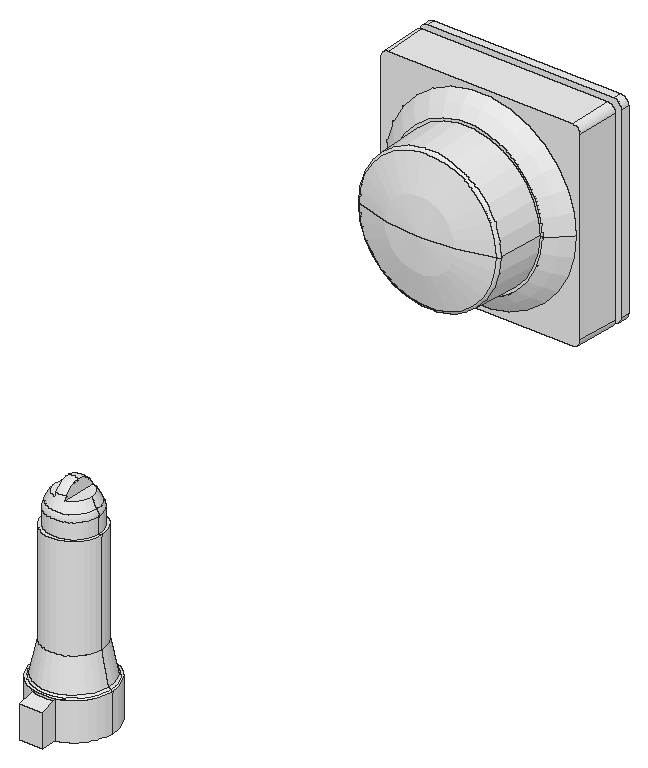
Revit family "1RA Remote Setting_RFA", category Pipe Accessories, Revit 2019
Family settings
  Round Connector Dimension = Use Diameter
  Part Type = Normal
  OmniClass Number = 23.65.55.14.17
  OmniClass Title = Adjusting/Controlling Valves for Liquid Services
  Work Plane-Based = No
  Always vertical = Yes
  Cut with Voids When Loaded = No
  Shared = Yes
Parameters (values of type "RA Remote Setting_RA 5062_2m_013G5062")
  YH = XYadd - H'  # 1014 mm
  Z Offset [instance] = 100 mm  # constant formula
  Y' [instance] = if(Box Y Offset < -1 * XYlimit, XYadd - XYlimit, (if(Box Y Offset > XYlimit, XYadd + XYlimit, Box Y Offset + XYadd)))  # 1200 mm
  XYadd = XYlimit + 100 mm  # 1100 mm
  X' [instance] = if(Box X Offset < -1 * XYlimit, XYadd - XYlimit, (if(Box X Offset > XYlimit, XYadd + XYlimit, Box X Offset + XYadd)))  # 1000 mm
  XYlimit = 1000 mm
  W [instance] = 54.443 mm
  Sensor Media = "Liquid"  # constant formula
  Remote Setting Y Offset [instance] = 100 mm
  Remote Setting Offset [instance] = 100 mm  # constant formula
  Z [instance] = if(Z Offset < -1000 mm, 200 mm, (if(Remote Setting Y Offset > 1000 mm, 2200 mm, Z Offset + 1200 mm)))  # 1300 mm
  Y [instance] = if(Remote Setting Y Offset < -1 * XYlimit, XYadd - XYlimit, (if(Remote Setting Y Offset > XYlimit, XYadd + XYlimit, Remote Setting Y Offset + XYadd)))  # 1200 mm
  Remote Setting X Offset [instance] = 100 mm
  X [instance] = if(Remote Setting X Offset < -1 * XYlimit, XYadd - XYlimit, (if(Remote Setting X Offset > XYlimit, XYadd + XYlimit, Remote Setting X Offset + XYadd)))  # 1200 mm
  Weight = 0.24 kg
  URL = "https://store.danfoss.com/en/Climate-Solutions-for-heating/Radiator-Thermostats/Radiator-sensors/Room-sensor-mTRV/Sensors-for-Danfoss-RA-valves/c/13884?q=%3Arelevance%3Adanfoss_producttypehierarchydesc%3ARA+Remote+Setting&text="
  Type B = RA Remote Setting_62-65-68-74-75_Part_B_RFA : RA Remote Setting_62-65-68-74-75_Part_B_RFA
  Type A = RA Remote Setting_Part_A_RFA : RA Remote Setting_RA 5062_2mm_013G5062
  Model Type = "RA Remote Setting_RA 5062_2m"
  Model = "013G5062"
  Min Temperature Setting = "8 °C"  # constant formula
  Max Temperature Setting = "28 °C"  # constant formula
  Max Capillary Tube Length = 2000 mm
  Manufacturer = "Danfoss"  # constant formula
  LOD 350 = not(LOD 200)  # yes
  LOD 200 = no
  L [instance] = 80 mm
  IfcExportType = "RA Remote Setting"  # constant formula
  IfcExportAs = "IfcActuatorType"  # constant formula
  ID = RA Remote Setting_Part_A_RFA : RA Remote Setting_RA 5062_2mm_013G5062
  H' = 86 mm
  H [instance] = 80 mm
  Description = "Radiator Sensor"  # constant formula
  Connection = "RA"  # constant formula
  Box Y Offset [instance] = 100 mm
  Box X Offset [instance] = -100 mm
  Box = ID = Type B  # no
  Body Material = Danfoss Plastic White
Types (11, lengths in mm): name | YH | Y' | XYadd | X' | XYlimit | Y | X | Weight | Type B | Type A | Model Type | Model | Max Capillary Tube Length | ID | H' | Box
  (no name) | 1014 | 1200 | 1100 | 1000 | 1000 | 1200 | 1200 | 0.24 kg | RA Remote Setting_62-65-68-74-75_Part_B_RFA : RA Remote Setting_62-65-68-74-75_Part_B_RFA | RA Remote Setting_Part_A_RFA : RA Remote Setting_RA 5062_2mm_013G5062 | "RA Remote Setting_RA 5062_2m" | "013G5062" | 2000 | RA Remote Setting_Part_A_RFA : RA Remote Setting_RA 5062_2mm_013G5062 | 86 | no
  RA Remote Setting_RA 5062_2m_013G5062 | 1014 | 1200 | 1100 | 1000 | 1000 | 1200 | 1200 | 0.24 kg | RA Remote Setting_62-65-68-74-75_Part_B_RFA : RA Remote Setting_62-65-68-74-75_Part_B_RFA | RA Remote Setting_Part_A_RFA : RA Remote Setting_RA 5062_2mm_013G5062 | "RA Remote Setting_RA 5062_2m" | "013G5062" | 2000 | RA Remote Setting_Part_A_RFA : RA Remote Setting_RA 5062_2mm_013G5062 | 86 | no
  RA Remote Setting_RA 5065_5m_013G5065 | 2514 | 2700 | 2600 | 2500 | 2500 | 2700 | 2700 | 0.25 kg | RA Remote Setting_62-65-68-74-75_Part_B_RFA : RA Remote Setting_62-65-68-74-75_Part_B_RFA | RA Remote Setting_Part_A_RFA : RA Remote Setting_RA 5065_5mm_013G5065 | "RA Remote Setting_RA 5065_5m" | "013G5065" | 5000 | RA Remote Setting_Part_A_RFA : RA Remote Setting_RA 5062_2mm_013G5062 | 86 | no
  RA Remote Setting_RA 5068_8m_013G5068 | 4014 | 4200 | 4100 | 4000 | 4000 | 4200 | 4200 | 0.26 kg | RA Remote Setting_62-65-68-74-75_Part_B_RFA : RA Remote Setting_62-65-68-74-75_Part_B_RFA | RA Remote Setting_Part_A_RFA : RA Remote Setting_RA 5068_8mm_013G5068 | "RA Remote Setting_RA 5068_8m" | "013G5068" | 8000 | RA Remote Setting_Part_A_RFA : RA Remote Setting_RA 5062_2mm_013G5062 | 86 | no
  RA Remote Setting_RA 5067_2m_013G5067 | 1028.7 | 1200 | 1100 | 1000 | 1000 | 1200 | 1200 | 0.27 kg | RA Remote Setting_67_Part_B_RFA : RA Remote Setting_67_Part_B_RFA | RA Remote Setting_Part_A_RFA : RA Remote Setting_RA 5067_2mm_013G5067 | "RA Remote Setting_RA 5067_2m" | "013G5067" | 2000 | RA Remote Setting_Part_A_RFA : RA Remote Setting_RA 5062_2mm_013G5062 | 71.3 | no
  RA Remote Setting_RA 5074_2x2m_013G5074 | 1014 | 1200 | 1100 | 1000 | 1000 | 1200 | 1200 | 0.38 kg | RA Remote Setting_62-65-68-74-75_Part_B_RFA : RA Remote Setting_62-65-68-74-75_Part_B_RFA | RA Remote Setting_Part_A_RFA : RA Remote Setting_RA 5074_2mm_013G5074 | "RA Remote Setting_RA 5074_2x2m" | "013G5074" | 2000 | RA Remote Setting_62-65-68-74-75_Part_B_RFA : RA Remote Setting_62-65-68-74-75_Part_B_RFA | 86 | yes
  RA Remote Setting_RA 5075_15m_013G5075 | 7514 | 7700 | 7600 | 7500 | 7500 | 7700 | 7700 | 0.31 kg | RA Remote Setting_62-65-68-74-75_Part_B_RFA : RA Remote Setting_62-65-68-74-75_Part_B_RFA | RA Remote Setting_Part_A_RFA : RA Remote Setting_RA 5075_15mm_013G5075 | "RA Remote Setting_RA 5075_15m" | "013G5075" | 15000 | RA Remote Setting_Part_A_RFA : RA Remote Setting_RA 5062_2mm_013G5062 | 86 | no
  RA Remote Setting_RA 8562_2m_013G8562 | 1014 | 1200 | 1100 | 1000 | 1000 | 1200 | 1200 | 0.24 kg | RA Remote Setting_62-65-68-74-75_Part_B_RFA : RA Remote Setting_62-65-68-74-75_Part_B_RFA | RA Remote Setting_Part_A_RFA : RA Remote Setting_RA 5062_2mm_013G5062 | "RA Remote Setting_RA 8562_2m" | "013G8562" | 2000 | RA Remote Setting_Part_A_RFA : RA Remote Setting_RA 5062_2mm_013G5062 | 86 | no
  RA Remote Setting_RA 8565_5m_013G8565 | 2514 | 2700 | 2600 | 2500 | 2500 | 2700 | 2700 | 0.25 kg | RA Remote Setting_62-65-68-74-75_Part_B_RFA : RA Remote Setting_62-65-68-74-75_Part_B_RFA | RA Remote Setting_Part_A_RFA : RA Remote Setting_RA 5065_5mm_013G5065 | "RA Remote Setting_RA 8565_5m" | "013G8565" | 5000 | RA Remote Setting_Part_A_RFA : RA Remote Setting_RA 5062_2mm_013G5062 | 86 | no
  RA Remote Setting_RA 8568_8m_013G8568 | 4014 | 4200 | 4100 | 4000 | 4000 | 4200 | 4200 | 0.26 kg | RA Remote Setting_62-65-68-74-75_Part_B_RFA : RA Remote Setting_62-65-68-74-75_Part_B_RFA | RA Remote Setting_Part_A_RFA : RA Remote Setting_RA 5068_8mm_013G5068 | "RA Remote Setting_RA 8568_8m" | "013G8568" | 8000 | RA Remote Setting_Part_A_RFA : RA Remote Setting_RA 5062_2mm_013G5062 | 86 | no
  RA Remote Setting_RA 8564_2x2m_013G8564 | 1014 | 1200 | 1100 | 1000 | 1000 | 1200 | 1200 | 0.39 kg | RA Remote Setting_62-65-68-74-75_Part_B_RFA : RA Remote Setting_62-65-68-74-75_Part_B_RFA | RA Remote Setting_Part_A_RFA : RA Remote Setting_RA 5074_2mm_013G5074 | "RA Remote Setting_RA 8564_2x2m" | "013G8564" | 2000 | RA Remote Setting_62-65-68-74-75_Part_B_RFA : RA Remote Setting_62-65-68-74-75_Part_B_RFA | 86 | yes
Reference planes
  plane 1 "Center (Front/Back)": y = 0
  plane 2: z = 0
  plane 3 "Center (Left/Right)": x = 0
  plane 4: z = 23.299
  plane 5: x = -1100
  plane 6: z = -1014
  plane 7: z = 186
  plane 8: z = 186
Lines and regions (mm)
  reference lines
    curve 1: line (100, 100, 186) -> (100, 0, 186)
    curve 2: line (-100, 100, 0) -> (-100, 0, 0)
    curve 3: line (-180, 100, 0) -> (240, 100, 0)
Dimensions and locks
  "XYadd": plane 5 to plane 3 "Center (Left/Right)"
  "YH": level to plane 6
  "X": plane 5 to curve 1
  locked: plane 1 "Center (Front/Back)" to curve 3 at 100
  "Y": plane 7 to plane 6
  "Y'": plane 8 to plane 6
  "X'": plane 5 to curve 2
  "L": nested 1 to nested 1
  "H": nested 1 to nested 1
  "W": nested 1 to nested 1
  aligned and locked: level to plane 2
  aligned and locked: nested 1 to curve 1
  aligned and locked: plane 3 "Center (Left/Right)" to nested 2
  aligned and locked: plane 1 "Center (Front/Back)" to nested 2
  aligned and locked: nested 3 to curve 2
  aligned and locked: nested 1 to plane 7
  aligned and locked: nested 3 to plane 8
Automatic sketch dimensions
  plane 1 "Center (Front/Back)" to curve 2 = 0 mm
  curve 3 to curve 2 = 80 mm
  plane 3 "Center (Left/Right)" to curve 3 = 240 mm
  plane 1 "Center (Front/Back)" to curve 1 = 0 mm
  curve 1 to plane 1 "Center (Front/Back)" = 100 mm
Nested families
  nested 1: "RA Remote Setting_Part_A_RFA" at (100, 100, 186) x (1, 0, 0) z (0, -1, 0), LOD 200 <- "LOD 200", type <- "Type A", Body Material <- "Body Material", type "RA Remote Setting_RA 5062_2mm_013G5062"
    with LOD 350 yes, LOD 200 no, Body Material Danfoss Plastic White
  nested 2: "RA Remote Setting_62-65-68-74-75_Part_B_RFA" at (0, 0, 0), LOD 200 <- "LOD 200", type <- "Type B", Body Material <- "Body Material", type "RA Remote Setting_62-65-68-74-75_Part_B_RFA"
    with LOD 350 yes, LOD 200 no, Body Material Danfoss Plastic White
  nested 3: "RA Remote Setting_Box_RFA" at (-100, 100, 186) x (1, 0, 0) z (0, -1, 0), LOD 200 <- "LOD 200", visible <- "Box", Body Material <- "Body Material", type "RA Remote Setting_Box_RFA"
    with LOD 350 yes, LOD 200 no, Body Material Danfoss Plastic White
Definition of nested family "RA Remote Setting_Part_A_RFA"
  Parameters (values of type "RA Remote Setting_RA 5062_2mm_013G5062")
    Weight = 0.24 kg
    W [instance] = 80 mm
    URL = "https://store.danfoss.com/en/Climate-Solutions-for-heating/Radiator-Thermostats/Radiator-sensors/Room-sensor-mTRV/c/6177?q=%3Arelevance%3Adanfoss_producttypehierarchydesc%3A0f86501860fe633957d845b0f8bcb3be9b57db42&page=0&pageSize=10"
    Setting Range = "8-28 °C"  # constant formula
    Model Type = "RA Remote Setting_RA 5062_2mm"
    Model = "013G5062"
    Manufacturer = "Danfoss"  # constant formula
    LOD 350 [instance] = not(LOD 200)  # yes
    LOD 200 [instance] = no
    L [instance] = 80 mm
    IfcExportType = "RA Remote Setting"  # constant formula
    IfcExportAs = "IfcActuatorType"  # constant formula
    H [instance] = 54.443 mm
    Description = "Radiator Sensor"  # constant formula
    Default Elevation = 1219.2 mm
    Cable Length = "2 mm"
    Body Material [instance] = none
    Application = "Liquid Sensor"  # constant formula
  Types (6, lengths in mm): name | Weight | Model Type | Model | Cable Length
    RA Remote Setting_RA 5062_2mm_013G5062 | 0.24 kg | "RA Remote Setting_RA 5062_2mm" | "013G5062" | "2 mm"
    RA Remote Setting_RA 5065_5mm_013G5065 | 0.25 kg | "RA Remote Setting_RA 5065_5mm" | "013G5065" | "5 mm"
    RA Remote Setting_RA 5068_8mm_013G5068 | 0.26 kg | "RA Remote Setting_RA 5068_8mm" | "013G5068" | "8 mm"
    RA Remote Setting_RA 5067_2mm_013G5067 | 0.27 kg | "RA Remote Setting_RA 5067_2mm" | "013G5067" | "2 mm"
    RA Remote Setting_RA 5074_2mm_013G5074 | 0.42 kg | "RA Remote Setting_RA 5074_2mm" | "013G5074" | "2 mm"
    RA Remote Setting_RA 5075_15mm_013G5075 | 0.31 kg | "RA Remote Setting_RA 5075_15mm" | "013G5075" | "15 mm"
  Reference planes
    plane 1 "Center (Front/Back)": y = 0
    plane 2: z = 0
    plane 3 "Center (Left/Right)": x = 0
    plane 4: z = 23.299
    plane 5: x = -40
    plane 6: y = 40
    plane 7: x = 40
    plane 8: y = -40
    plane 9: z = 54.443
  Forms (mm)
    Revolve 1, solid, material <- "Body Material", visible <- "LOD 200", detail levels fine
      sketch origin (0, 0, 0) x (1, 0, 0) y (0, 0, 1)
        loop
          line (0, 54.443) -> (0, 23.299) -> (29.365, 23.299) -> (27.897, 54.443) -> (0, 54.443)
        axis (0, 23.299) -> (0, 54.443)
      angle from 0 to 360
    Revolve 2, solid, material <- "Body Material", visible <- "LOD 350", detail levels fine
      sketch origin (0, 0, 0) x (1, 0, 0) y (0, 0, 1)
        loop
          line (0, 54.443) -> (0, 23.299) -> (37.901, 23.299)
          arc (37.901, 23.299) -> (34.283, 27.091) -> (30.14, 30.3) r 35
          line (30.14, 30.3) -> (29.035, 30.3) -> (28.201, 47.991)
          arc (28.201, 47.991) -> (27.921, 48.796) -> (27.247, 49.318) r 1.5
          arc (27.247, 49.318) -> (13.863, 53.15) -> (0, 54.443) r 75
        axis (0, 54.443) -> (0, 23.299)
      angle from 0 to 360
    Blend 3, solid, material <- "Body Material", visible <- "LOD 350", detail levels fine
      base sketch origin (0, 0, 83.1) x (0, -1, 0) y (1, 0, 0)
        loop
          arc (-37.002, 40) -> (-39.122, 39.122) -> (-40, 37.002) r 2.998
          line (-40, 37.002) -> (-40, -37.002)
          arc (-40, -37.002) -> (-39.122, -39.122) -> (-37.002, -40) r 2.998
          line (-37.002, -40) -> (37.002, -40)
          arc (37.002, -40) -> (39.122, -39.122) -> (40, -37.002) r 2.998
          line (40, -37.002) -> (40, 37.002)
          arc (40, 37.002) -> (39.122, 39.122) -> (37.002, 40) r 2.998
          line (37.002, 40) -> (-37.002, 40)
      top sketch origin (0, 0, 83.1) x (0, -1, 0) y (1, 0, 0)
        loop
          arc (-39.457, -36.459) -> (-38.578, -38.578) -> (-36.459, -39.457) r 3
          line (-36.459, -39.457) -> (36.459, -39.457)
          arc (36.459, -39.457) -> (38.578, -38.578) -> (39.457, -36.459) r 3
          line (39.457, -36.459) -> (39.457, 36.459)
          arc (39.457, 36.459) -> (38.578, 38.578) -> (36.459, 39.457) r 3
          line (36.459, 39.457) -> (-36.459, 39.457)
          arc (-36.459, 39.457) -> (-38.578, 38.578) -> (-39.457, 36.459) r 3
          line (-39.457, 36.459) -> (-39.457, -36.459)
      from -83.1 to -59.801
    Extrusion 4, void
      sketch origin (0, 0, 0) x (1, 0, 0) y (0, 0, 1)
        loop
          line (-33, 3.3) -> (-33, 6.3) -> (-42.199, 6.3) -> (-42.199, 3.3) -> (-33, 3.3)
        loop
          line (33, 3.3) -> (43, 3.3) -> (43, 6.3) -> (33, 6.3) -> (33, 3.3)
      from -46.505 to 45.699
    Extrusion 5, void
      sketch origin (0, 0, 0) x (0, 1, 0) y (0, 0, -1)
        loop
          line (-33, -3.3) -> (-42.199, -3.3) -> (-42.199, -6.3) -> (-33, -6.3) -> (-33, -3.3)
        loop
          line (33, -3.3) -> (33, -6.3) -> (43, -6.3) -> (43, -3.3) -> (33, -3.3)
      from -46.505 to 45.699
    Extrusion 6, solid, material <- "Body Material", visible <- "LOD 200", detail levels fine
      sketch origin (0, 0, 0) x (1, 0, 0) y (0, 1, 0)
        loop
          line (40, 40) -> (-40, 40) -> (-40, -40) -> (40, -40) -> (40, 40)
      from 0 to 23.299
    Extrusion 7, solid, material <- "Body Material", detail levels coarse+medium
      sketch origin (0, 0, 83.1) x (0, -1, 0) y (1, 0, 0)
        loop
          line (-40, 40) -> (-40, -40) -> (40, -40) -> (40, 40) -> (-40, 40)
      from -83.1 to -28.657
  Cuts and joins
    Extrusion 4, Extrusion 5 cuts Blend 3
  Dimensions and locks
    "L": plane 5 to plane 7
    "W": plane 8 to plane 6
    "H": plane 9 to level
    aligned and locked: level to plane 2
    aligned and locked: plane 3 "Center (Left/Right)" to Revolve 1 sketch curve
    aligned and locked: Revolve 2 sketch curve to plane 3 "Center (Left/Right)"
    aligned and locked: Blend 3 to level
    aligned and locked: Blend 3 to Revolve 1
    aligned and locked: plane 6 to Extrusion 7 sketch curve
    aligned and locked: Extrusion 7 sketch curve to plane 8
    aligned and locked: plane 5 to Extrusion 7 sketch curve
    aligned and locked: Extrusion 7 sketch curve to plane 7
    aligned and locked: Extrusion 7 to level
    aligned and locked: Extrusion 7 to plane 9
  Automatic sketch dimensions
    Revolve 1 sketch curve to plane 3 "Center (Left/Right)" = 0 mm
    Revolve 1 sketch curve to Revolve 1 sketch curve = 31.143 mm
    Revolve 1 sketch curve to Revolve 1 sketch curve = 20 mm
    Revolve 2 sketch curve to plane 3 "Center (Left/Right)" = 0 mm
    Revolve 2 sketch curve to plane 4 = 0 mm
    level to Revolve 2 sketch curve = 1.103 mm
    Revolve 2 sketch curve to Revolve 2 sketch curve = 1.498 mm
    Revolve 2 sketch curve to Revolve 2 sketch curve = 1.105 mm
    Revolve 2 sketch curve to Revolve 2 sketch curve = 7.76 mm
    Revolve 2 sketch curve to level = 20.557 mm
    Revolve 2 sketch curve to Revolve 2 sketch curve = 17.621 mm
    Revolve 2 sketch curve to Revolve 2 sketch curve = 0.071 mm
    Revolve 2 sketch curve to Revolve 2 sketch curve = 6.522 mm
    Revolve 2 sketch curve to Revolve 2 sketch curve = 10 mm
    Blend 3 sketch curve to Blend 3 sketch curve = 2.998 mm  (x5)
    Blend 3 sketch curve to Blend 3 sketch curve = 3 mm  (x4)
    Blend 3 sketch curve to Blend 3 sketch curve = 0.002 mm  (x4)
    Blend 3 sketch curve to plane 3 "Center (Left/Right)" = 36.457 mm
    level to Extrusion 4 sketch curve = 3.3 mm  (x2)
    Extrusion 4 sketch curve to Extrusion 4 sketch curve = 9.199 mm
    Extrusion 4 sketch curve to Extrusion 4 sketch curve = 3 mm  (x2)
    level to Extrusion 5 sketch curve = 3.3 mm  (x2)
    Extrusion 5 sketch curve to Extrusion 5 sketch curve = 9.199 mm
    Extrusion 5 sketch curve to Extrusion 5 sketch curve = 10 mm
    Extrusion 5 sketch curve to Extrusion 5 sketch curve = 3 mm  (x2)
    plane 4 to Revolve 1 sketch curve = 0 mm
    plane 3 "Center (Left/Right)" to Revolve 2 sketch curve = 10.839 mm
    plane 4 to Revolve 2 sketch curve = 7.001 mm
    Blend 3 sketch curve to plane 3 "Center (Left/Right)" = 37.002 mm
    Blend 3 sketch curve to plane 3 "Center (Left/Right)" = 36.459 mm
    Extrusion 4 sketch curve to plane 3 "Center (Left/Right)" = 33 mm
    Extrusion 6 sketch curve to plane 3 "Center (Left/Right)" = 40 mm
    Revolve 1 sketch curve to Revolve 1 sketch curve = 1.469 mm
    Revolve 2 sketch curve to Revolve 2 sketch curve = 2.333 mm
    plane 3 "Center (Left/Right)" to Blend 3 sketch curve = 37.002 mm
    plane 3 "Center (Left/Right)" to Blend 3 sketch curve = 36.457 mm  (x2)
    plane 3 "Center (Left/Right)" to Extrusion 4 sketch curve = 33 mm
    Extrusion 4 sketch curve to Extrusion 4 sketch curve = 10 mm
    plane 3 "Center (Left/Right)" to Extrusion 6 sketch curve = 40 mm
    Blend 3 sketch curve to plane 1 "Center (Front/Back)" = 37.002 mm
    Blend 3 sketch curve to plane 1 "Center (Front/Back)" = 36.457 mm
    Extrusion 5 sketch curve to plane 1 "Center (Front/Back)" = 33 mm
    Extrusion 6 sketch curve to plane 1 "Center (Front/Back)" = 40 mm
    plane 1 "Center (Front/Back)" to Blend 3 sketch curve = 37.002 mm  (x2)
    plane 1 "Center (Front/Back)" to Blend 3 sketch curve = 36.457 mm
    plane 1 "Center (Front/Back)" to Extrusion 5 sketch curve = 33 mm
    plane 1 "Center (Front/Back)" to Extrusion 6 sketch curve = 40 mm
    Revolve 1 sketch curve to Revolve 1 sketch curve = 76.357 mm
    Revolve 2 sketch curve to Revolve 2 sketch curve = 61.357 mm
    plane 7 to Revolve 1 sketch curve = 10.635 mm
Definition of nested family "RA Remote Setting_62-65-68-74-75_Part_B_RFA"
  Parameters (values of type "RA Remote Setting_62-65-68-74-75_Part_B_RFA")
    Weight = 0.24 kg  # constant formula
    W [instance] = 36.4 mm
    URL = "https://store.danfoss.com/en/Climate-Solutions-for-heating/Radiator-Thermostats/Radiator-sensors/Room-sensor-mTRV/c/6177?q=%3Arelevance%3Adanfoss_producttypehierarchydesc%3A0f86501860fe633957d845b0f8bcb3be9b57db42&page=0&pageSize=10"
    Setting Range = "8-28 °C"  # constant formula
    Model Type = "RA Remote Setting_RA 5062_2mm"
    Model = "013G5062"
    Manufacturer = "Danfoss"  # constant formula
    LOD 350 [instance] = not(LOD 200)  # yes
    LOD 200 [instance] = no
    L [instance] = 31 mm
    IfcExportType = "RA Remote Setting"  # constant formula
    IfcExportAs = "IfcActuatorType"  # constant formula
    H [instance] = 86 mm
    Description = "Radiator Sensor"  # constant formula
    Cable Length = "2 mm"  # constant formula
    Body Material [instance] = none
    Application = "Liquid Sensor"  # constant formula
  Reference planes
    plane 1 "Center (Front/Back)": y = 0
    plane 2: z = 0
    plane 3 "Center (Left/Right)": x = 0
    plane 4: x = -15.5
    plane 5: x = 15.5
    plane 6: z = 86
    plane 7: y = 15.5
    plane 8: y = -20.9
    plane 9: z = 12.786
  Forms (mm)
    Revolve 1, solid, material <- "Body Material", visible <- "LOD 200", detail levels fine
      sketch origin (0, 0, 0) x (1, 0, 0) y (0, 0, 1)
        loop
          arc (0, 86) -> (-3.75, 84.995) -> (-6.495, 82.25) r 7.5
          line (-6.495, 82.25) -> (-11.25, 74.014) -> (-11.25, 16.001) -> (-15.5, 16.001) -> (-15.5, 0) -> (0, 0) -> (0, 86)
        axis (0, 0) -> (0, 86)
      angle from 0 to 360
    Revolve 2, solid, material <- "Body Material", visible <- "LOD 350", detail levels fine
      sketch origin (0, 0, 0) x (1, 0, 0) y (0, 0, 1)
        loop
          line (0, 0) -> (15.5, 0) -> (15.5, 14.931) -> (14.592, 15.243)
          arc (14.592, 15.243) -> (14.125, 15.521) -> (13.873, 16.001) r 1
          line (13.873, 16.001) -> (11.25, 28.34) -> (11.25, 69) -> (9.9, 69) -> (9.9, 75.013)
          arc (9.9, 75.013) -> (9.73, 76.307) -> (9.23, 77.513) r 5
          line (9.23, 77.513) -> (6.495, 82.25)
          arc (6.495, 82.25) -> (3.75, 84.995) -> (0, 86) r 7.5
          line (0, 86) -> (0, 0)
        axis (0, 86) -> (0, 0)
      angle from 0 to 360
    Extrusion 3, solid, material <- "Body Material", visible <- "LOD 350", detail levels fine
      sketch origin (0, 0, 0) x (0, 1, 0) y (0, 0, 1)
        loop
          line (-5.421, 16.933) -> (-20.9, 12.786) -> (-20.9, 0) -> (0, 0) -> (0, 16.933) -> (-5.421, 16.933)
      from -4.5 to 4.5
    Extrusion 4, void
      sketch origin (0, 0, 0) x (1, 0, 0) y (0, 0, 1)
        loop
          line (2, 81) -> (15.5, 81) -> (15.5, 94.759) -> (2, 94.759) -> (2, 81)
        loop
          line (-2, 81) -> (-2, 94.759) -> (-15.5, 94.759) -> (-15.5, 81) -> (-2, 81)
      from -13.526 to 14.348
  Cuts and joins
    Extrusion 4 cuts Revolve 2
    joined: Revolve 2, Extrusion 3
  Dimensions and locks
    "H": plane 6 to level
    "L": plane 4 to plane 5
    "W": plane 7 to plane 8
    aligned and locked: level to plane 2
    aligned and locked: plane 3 "Center (Left/Right)" to Revolve 1 sketch curve
    aligned and locked: Revolve 2 sketch curve to plane 3 "Center (Left/Right)"
  Automatic sketch dimensions
    Revolve 2 sketch curve to level = 0 mm
    Revolve 2 sketch curve to plane 3 "Center (Left/Right)" = 0 mm
    Revolve 2 sketch curve to plane 5 = 0 mm
    Revolve 2 sketch curve to plane 6 = 0 mm
    plane 3 "Center (Left/Right)" to Revolve 2 sketch curve = 4.9 mm
    Revolve 2 sketch curve to plane 6 = 3.75 mm
    plane 3 "Center (Left/Right)" to Revolve 2 sketch curve = 6.495 mm
    Revolve 2 sketch curve to Revolve 2 sketch curve = 4.33 mm
    Revolve 2 sketch curve to plane 5 = 5.6 mm
    Revolve 2 sketch curve to plane 5 = 4.25 mm
    Revolve 2 sketch curve to plane 5 = 1.627 mm
    Revolve 2 sketch curve to plane 5 = 0.649 mm
    level to Revolve 2 sketch curve = 14.931 mm
    Revolve 2 sketch curve to Revolve 2 sketch curve = 0.208 mm
    Revolve 2 sketch curve to Revolve 2 sketch curve = 12.338 mm
    Revolve 2 sketch curve to Revolve 2 sketch curve = 13.25 mm
    Revolve 2 sketch curve to Revolve 2 sketch curve = 6.013 mm
    Revolve 2 sketch curve to plane 5 = 0.908 mm
    Revolve 2 sketch curve to Revolve 2 sketch curve = 29.8 mm
    Revolve 2 sketch curve to Revolve 2 sketch curve = 10 mm
    Revolve 2 sketch curve to Revolve 2 sketch curve = 0.313 mm
    Extrusion 4 sketch curve to plane 5 = 0 mm
    Extrusion 4 sketch curve to plane 3 "Center (Left/Right)" = 2 mm
    plane 3 "Center (Left/Right)" to Extrusion 4 sketch curve = 2 mm
    Extrusion 4 sketch curve to plane 6 = 5 mm
    Extrusion 4 sketch curve to Extrusion 4 sketch curve = 0 mm
    plane 6 to Extrusion 4 sketch curve = 8.759 mm  (x2)
    Extrusion 4 sketch curve to plane 4 = 0 mm
    Revolve 1 sketch curve to level = 0 mm
    Revolve 1 sketch curve to plane 4 = 0 mm
    Revolve 1 sketch curve to plane 3 "Center (Left/Right)" = 0 mm
    level to Revolve 1 sketch curve = 16.001 mm
    Revolve 1 sketch curve to Revolve 1 sketch curve = 4.755 mm
    Revolve 1 sketch curve to Revolve 1 sketch curve = 8.236 mm
    Revolve 1 sketch curve to Revolve 1 sketch curve = 44.8 mm
    Revolve 1 sketch curve to Revolve 1 sketch curve = 64.8 mm
    Revolve 1 sketch curve to Revolve 1 sketch curve = 3.75 mm
    Revolve 1 sketch curve to plane 6 = 0 mm
    Extrusion 3 sketch curve to level = 0 mm
    Extrusion 3 sketch curve to plane 1 "Center (Front/Back)" = 0 mm
    Extrusion 3 sketch curve to plane 9 = 0 mm
    plane 9 to Extrusion 3 sketch curve = 4.148 mm
    plane 8 to Extrusion 3 sketch curve = 15.479 mm
    Extrusion 3 sketch curve to plane 8 = 0 mm
    plane 4 to Revolve 1 sketch curve = 4.25 mm
Definition of nested family "RA Remote Setting_Box_RFA"
  Parameters (values of type "RA Remote Setting_Box_RFA")
    Weight = 0.00 kg
    W [instance] = 71 mm
    URL = "https://store.danfoss.com/en/Climate-Solutions-for-heating/Radiator-Thermostats/Radiator-sensors/Room-sensor-mTRV/c/6177?q=%3Arelevance%3Adanfoss_producttypehierarchydesc%3A0f86501860fe633957d845b0f8bcb3be9b57db42&page=0&pageSize=10"
    Setting Range = ""  # constant formula
    Model Type = ""
    Model = ""
    Manufacturer = "Danfoss"  # constant formula
    LOD 350 [instance] = not(LOD 200)  # yes
    LOD 200 [instance] = no
    L [instance] = 35 mm
    IfcExportType = "RA Remote Setting"  # constant formula
    IfcExportAs = "IfcActuatorType"  # constant formula
    H [instance] = 33.5 mm
    Description = "Radiator Sensor"  # constant formula
    Default Elevation = 1219.2 mm
    Cable Length = ""  # constant formula
    Body Material [instance] = none
    Application = "Liquid Sensor"  # constant formula
  Reference planes
    plane 1 "Center (Front/Back)": y = 0
    plane 2: z = 0
    plane 3 "Center (Left/Right)": x = 0
    plane 4: z = 33.5
    plane 5: y = 35.5
    plane 6: y = -35.5
    plane 7: x = -17.5
    plane 8: x = 17.5
  Forms (mm)
    Extrusion 1, solid, material <- "Body Material", detail levels fine
      sketch origin (0, 0, 83.1) x (0, -1, 0) y (1, 0, 0)
        loop
          line (-31.3, -13) -> (31.3, -13) -> (31.3, 13) -> (-31.3, 13) -> (-31.3, -13)
      from -83.1 to -77.6
    Extrusion 2, solid, material <- "Body Material", visible <- "LOD 200", detail levels fine
      sketch origin (0, 0, 88.6) x (0, -1, 0) y (1, 0, 0)
        loop
          line (-35.5, -17.5) -> (35.5, -17.5) -> (35.5, 17.5) -> (-35.5, 17.5) -> (-35.5, -17.5)
      from -83.1 to -55.1
    Blend 3, solid, material <- "Body Material", visible <- "LOD 350", detail levels fine
      base sketch origin (0, 0, 82.972) x (0, -1, 0) y (1, 0, 0)
        loop
          line (-35.501, -17.5) -> (35.5, -17.5) -> (35.5, 17.5) -> (-35.501, 17.5) -> (-35.501, -17.5)
      top sketch origin (0, 0, 82.972) x (0, -1, 0) y (1, 0, 0)
        loop
          line (-33.935, -15.989) -> (33.935, -15.989) -> (33.935, 15.989) -> (-33.935, 15.989) -> (-33.935, -15.989)
      from -77.6 to -55.972
    Extrusion 4, solid, material <- "Body Material", visible <- "LOD 350", detail levels fine
      sketch origin (0, 0, 0) x (1, 0, 0) y (0, 0, 1)
        loop
          arc (15.418, 28.179) -> (0, 33.5) -> (-15.418, 28.179) r 25
          arc (-15.418, 28.179) -> (-15.818, 27.702) -> (-15.989, 27.103) r 1.5
          line (-15.989, 27.103) -> (-17.509, 5.372) -> (17.5, 5.372) -> (15.972, 27.249)
          arc (15.972, 27.249) -> (15.782, 27.766) -> (15.418, 28.179) r 1.5
      from -35.5 to 35.5
    Extrusion 5, void
      sketch origin (0, 0, 0) x (0, 1, 0) y (0, 0, 1)
        loop
          line (35.501, 5.372) -> (38.543, 5.372) -> (38.543, 33.5) -> (33.464, 33.5) -> (35.501, 5.372)
        loop
          line (-33.465, 33.5) -> (-38.605, 33.5) -> (-38.605, 5.372) -> (-35.5, 5.372) -> (-33.465, 33.5)
      from -17.5 to 17.5
    Extrusion 6, solid, material <- "Body Material", detail levels coarse+medium
      sketch origin (0, 0, 83.1) x (0, -1, 0) y (1, 0, 0)
        loop
          line (-35.5, -17.5) -> (35.5, -17.5) -> (35.5, 17.5) -> (-35.5, 17.5) -> (-35.5, -17.5)
      from -83.1 to -49.6
  Cuts and joins
    Extrusion 5 cuts Extrusion 4
  Dimensions and locks
    "H": plane 4 to level
    equal spacing: plane 7, plane 3 "Center (Left/Right)", plane 8
    equal spacing: plane 5, plane 1 "Center (Front/Back)", plane 6
    "W": plane 5 to plane 6
    "L": plane 7 to plane 8
    aligned and locked: level to plane 2
    aligned and locked: Extrusion 1 to level
    aligned and locked: Extrusion 2 to plane 7
    aligned and locked: plane 8 to Extrusion 2
    aligned and locked: plane 4 to Extrusion 2
    aligned and locked: plane 5 to Extrusion 2
    aligned and locked: Extrusion 2 to plane 6
    aligned and locked: plane 5 to Extrusion 6 sketch curve
    aligned and locked: plane 7 to Extrusion 6 sketch curve
    aligned and locked: plane 8 to Extrusion 6 sketch curve
    aligned and locked: plane 6 to Extrusion 6 sketch curve
    aligned and locked: Extrusion 6 to level
    aligned and locked: plane 4 to Extrusion 6
  Automatic sketch dimensions
    Extrusion 1 sketch curve to plane 5 = 4.2 mm
    plane 6 to Extrusion 1 sketch curve = 4.2 mm
    plane 7 to Extrusion 1 sketch curve = 4.5 mm
    Extrusion 1 sketch curve to plane 8 = 4.5 mm
    Extrusion 2 sketch curve to plane 5 = 0 mm
    Extrusion 2 sketch curve to plane 6 = 0 mm
    plane 7 to Extrusion 2 sketch curve = 0 mm
    Extrusion 2 sketch curve to plane 8 = 0 mm
    plane 6 to Blend 3 sketch curve = 0 mm
    Blend 3 sketch curve to plane 5 = 1.565 mm
    plane 7 to Blend 3 sketch curve = 1.511 mm
    plane 6 to Blend 3 sketch curve = 1.565 mm
    Blend 3 sketch curve to plane 8 = 1.511 mm
    Extrusion 4 sketch curve to plane 7 = 0.009 mm
    Extrusion 4 sketch curve to plane 3 "Center (Left/Right)" = 0 mm
    plane 7 to Extrusion 4 sketch curve = 1.511 mm
    Extrusion 4 sketch curve to Extrusion 4 sketch curve = 1.496 mm
    Extrusion 4 sketch curve to plane 8 = 3.007 mm
    Extrusion 4 sketch curve to Extrusion 4 sketch curve = 1.479 mm
    level to Extrusion 4 sketch curve = 8.5 mm
    Extrusion 4 sketch curve to Extrusion 4 sketch curve = 0.105 mm
    Extrusion 4 sketch curve to Extrusion 4 sketch curve = 0.25 mm
    Extrusion 4 sketch curve to Extrusion 4 sketch curve = 0 mm
    Extrusion 4 sketch curve to plane 8 = 0 mm
    Extrusion 4 sketch curve to Extrusion 4 sketch curve = 21.731 mm
    Extrusion 4 sketch curve to plane 4 = 6.501 mm
    Extrusion 4 sketch curve to plane 4 = 28.128 mm
    Extrusion 5 sketch curve to plane 4 = 0 mm  (x2)
    Extrusion 5 sketch curve to plane 6 = 3.105 mm
    plane 6 to Extrusion 5 sketch curve = 0 mm
    plane 5 to Extrusion 5 sketch curve = 0.001 mm
    level to Extrusion 5 sketch curve = 5.372 mm  (x2)
    plane 6 to Extrusion 5 sketch curve = 2.035 mm
    Extrusion 5 sketch curve to plane 5 = 2.036 mm
    Extrusion 5 sketch curve to Extrusion 5 sketch curve = 3.042 mm
    plane 5 to Blend 3 sketch curve = 0.001 mm
    plane 7 to Blend 3 sketch curve = 0 mm
    Blend 3 sketch curve to plane 8 = 0 mm
